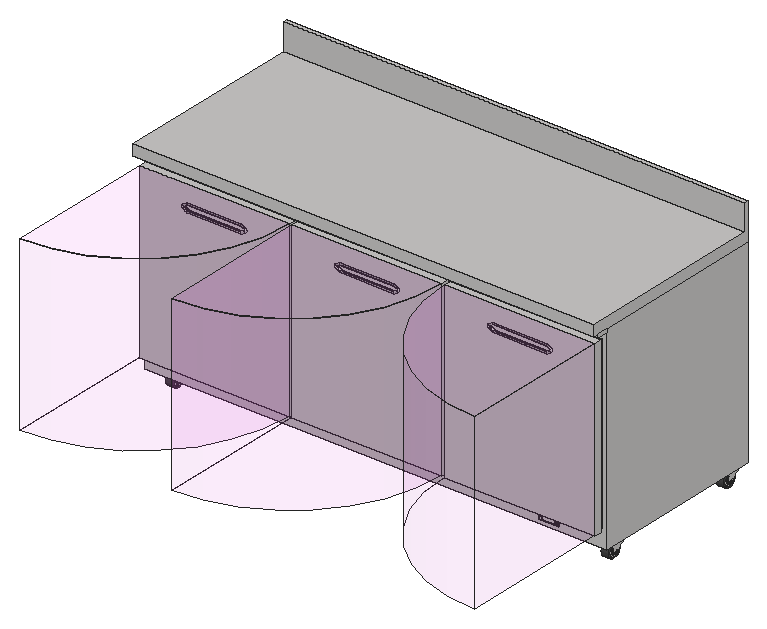
Revit family "QF_Kelvinator_738302_KCHUCWT72R_3-Door_Refrigerated_Work_Top_72_Long", category Specialty Equipment, Revit 2021
Family settings
  Round Connector Dimension = Use Diameter
  Part Type = Normal
  Work Plane-Based = No
  Always vertical = Yes
  Cut with Voids When Loaded = No
  Shared = No
  Room Calculation Point = No
Parameters
  Weight in Pounds = 288.806
  Watts = 400 W
  Volts = 115 V
  URL Cutsheet = ""
  Specification by User = ""
  Specification by Manufacturer = ""
  Serial Number = ""
  Seismic Rating = ""
  SMACNA No = ""
  Revision Code = ""
  Refrigerant Type = "R290"
  Phase = 1
  Number of Poles = 1
  NAFEM Spec ID Number = ""
  Model = "738302 (KCHUCWT72R)"
  Min Ckt Ampacity = 0 A
  Max Overcurrent Protection = 0 A
  Masterspec = ""
  Manufacturer = "Kelvinator Commercial"
  Length = 71.732"
  Item Number = "738302"
  Installed By = ""
  Identify Quantity as Lot = yes
  Height = 39.646"
  HP = "1/5"
  Furnished By = ""
  Foodservice Equipment Identifier = yes
  FL Amps = 3.5 A
  Electrical Remarks = ""
  Electric Connection Type = ""
  Elec Conn RI Height = 0.000"
  Elec Conn Connection Height = 0.000"
  Description = "3-Door Refrigerated Work Top 72\" Long"
  Depth = 29.921"
  Default Elevation = 0.000"
  Cycle = 60 Hz
  Conn Plug = "5-15P"
  Conn Conduit = yes
  CSI MasterFormat = ""
  Apparent Power = 0 VA
Reference planes (in)
  plane 1 "BACK": y = 0
  plane 2: z = 0
  plane 3 "LEFT": x = 0
  plane 4 "RIGHT": x = 71.732
  plane 5 "FRONT": y = -29.921
  plane 6 "TOP": z = 39.646
  plane 7 "Center Y": x = 35.866
  plane 8 "Center X": y = -14.9605
Dimensions and locks (in)
  equal spacing: plane 3 "LEFT", plane 7 "Center Y", plane 4 "RIGHT"
  "Length": plane 3 "LEFT" to plane 4 "RIGHT"
  equal spacing: plane 5 "FRONT", plane 8 "Center X", plane 1 "BACK"
  "Depth": plane 5 "FRONT" to plane 1 "BACK"
  "Height": plane 6 "TOP" to level
  aligned and locked: level to plane 2
Nested families (in)
  nested 1: "KCHST.0001" at (0, 0, 0), type "KCHST.0001"
    with Show Clearance yes
Connectors (in)
  electrical at (35.857, -0.87772, 2.31881), driven by "Volts", driven by "Watts"
    settings: on nested 1, index 1, voltage 115 V, apparent load 400 VA, apparent load phase1 0 VA, apparent load phase2 0 VA, apparent load phase3 0 VA, power factor 1, load classification "Other", number of poles 1, system type 30, power factor state 1, is connector primary yes, connector utility no, sub classification motor no, connector description ""
Definition of nested family "KCHST.0001"
  Parameters (values of type "KCHST.0001")
    Weight in Pounds = 0
    URL Cutsheet = ""
    Specification by User = ""
    Specification by Manufacturer = ""
    Show Clearance [instance] = yes
    Serial Number = ""
    Seismic Rating = ""
    SMACNA No = ""
    Revision Code = ""
    NAFEM Spec ID Number = ""
    Masterspec = ""
    Length = 71.732"
    Item Number = ""
    Installed By = ""
    Identify Quantity as Lot = yes
    Height = 39.646"
    Furnished By = ""
    Foodservice Equipment Identifier = yes
    Depth = 29.921"
    Default Elevation = 0.000"
    CSI MasterFormat = ""
  Reference planes (in)
    plane 1 "BACK": y = 0
    plane 2: z = 0
    plane 3 "LEFT": x = 0
    plane 4 "RIGHT": x = 71.732
    plane 5 "FRONT": y = -29.921
    plane 6 "TOP": z = 39.646
    plane 7 "Center Y": x = 35.866
    plane 8 "Center X": y = -14.9605
    plane 9: z = 3.1
    plane 10: z = 33.9
    plane 11: y = -56
    plane 12: y = -29.2
    plane 13: z = 32.4
    plane 14: z = 5.6
    plane 15: y = -27.5
    plane 16: x = 69.732
    plane 17: x = 2
    plane 18: x = 71.232
    plane 19: x = 0.5
    plane 20: z = 35.5
    plane 21: y = -27.2
    plane 22: x = 12.09564
    plane 23: x = 0.5
    plane 24: x = 59.65436
    plane 25: x = 35.875
  Forms (in)
    Extrusion 1, solid
      sketch origin (0, 0, 0) x (0, 1, 0) y (0, 0, 1)
        loop
          line (-27.5, 33.9) -> (-27.5, 3.1) -> (0, 3.1) -> (0, 33.9) -> (-27.5, 33.9)
      from 0 to 71.732
    Extrusion 2, solid
      sketch origin (0, 0, 0) x (0, 1, 0) y (0, 0, 1)
        loop
          line (-0.48673, 39.646) -> (-0.48673, 35.5) -> (-29.921, 35.5) -> (-29.921, 33.9) -> (0, 33.9) -> (0, 39.646) -> (-0.48673, 39.646)
      from 0 to 71.732
    Extrusion 3, solid
      sketch origin (0, 0, 0) x (0, 1, 0) y (0, 0, 1)
        loop
          line (-29.2, 33.9) -> (-29.2, 33.4) -> (-27.5, 33.4) -> (-27.5, 33.9) -> (-29.2, 33.9)
      from 0 to 71.732
    Extrusion 4, solid
      sketch origin (35.866, 6.90541, 48) x (0, 1, 0) y (0, 0, 1)
        loop
          line (-36.10541, -15.6) -> (-36.10541, -42.4) -> (-34.95211, -42.4) -> (-34.95211, -15.6) -> (-36.10541, -15.6)
      from -12.075 to -35.366
    Extrusion 5, solid
      sketch origin (0, 0, 0) x (0, 1, 0) y (0, 0, 1)
        loop
          line (-28.04671, 32.20449) -> (-28.04671, 5.81322) -> (-27.79671, 5.81322) -> (-27.79671, 32.20449) -> (-28.04671, 32.20449)
      from 0.74536 to 23.44592
    Extrusion 6, solid
      sketch origin (0, 0.25, 0) x (0, 1, 0) y (0, 0, 1)
        loop
          line (-28.04671, 32.20449) -> (-28.04671, 5.81322) -> (-27.864, 5.81322) -> (-27.864, 32.20449) -> (-28.04671, 32.20449)
      from 0.74536 to 23.44592
    Extrusion 7, solid
      sketch origin (0, 0.4327, 0) x (0, 1, 0) y (0, 0, 1)
        loop
          line (-28.04671, 32.20449) -> (-28.04671, 5.81322) -> (-27.9327, 5.81322) -> (-27.9327, 32.20449) -> (-28.04671, 32.20449)
      from 0.74536 to 23.44592
    Extrusion 8, solid
      sketch origin (-4.97957, -27.5, -4.77927) x (-1, 0, 0) y (0, 0, 1)
        loop
          line (-66.17533, 9.70772) -> (-69.32493, 9.70772) -> (-69.32493, 8.52662) -> (-66.17533, 8.52662) -> (-66.17533, 9.70772)
        loop
          line (-66.25407, 9.63107) -> (-66.64777, 9.63107) -> (-66.64777, 9.31193) -> (-66.25407, 9.31193) -> (-66.25407, 9.63107)
        loop
          line (-66.25407, 9.27674) -> (-66.64777, 9.27674) -> (-66.64777, 8.9576) -> (-66.25407, 8.9576) -> (-66.25407, 9.27674)
        loop
          line (-66.25407, 8.92241) -> (-66.64777, 8.92241) -> (-66.64777, 8.60327) -> (-66.25407, 8.60327) -> (-66.25407, 8.92241)
        loop
          line (-69.24619, 9.63107) -> (-69.24619, 9.31193) -> (-68.85249, 9.31193) -> (-68.85249, 9.63107) -> (-69.24619, 9.63107)
        loop
          line (-69.24619, 9.27674) -> (-69.24619, 8.9576) -> (-68.85249, 8.9576) -> (-68.85249, 9.27674) -> (-69.24619, 9.27674)
        loop
          line (-69.24619, 8.92241) -> (-69.24619, 8.60327) -> (-68.85249, 8.60327) -> (-68.85249, 8.92241) -> (-69.24619, 8.92241)
        loop
          line (-66.72525, 9.63107) -> (-68.77501, 9.63107) -> (-68.77501, 8.60716) -> (-66.72525, 8.60716) -> (-66.72525, 9.63107)
      from 0.07874 to -0.04602
    Extrusion 9, solid
      sketch origin (-4.97957, -27.54602, -4.77927) x (1, 0, 0) y (0, 0, 1)
        loop
          line (68.85249, 9.63107) -> (68.85249, 9.31193) -> (69.24619, 9.31193) -> (69.24619, 9.63107) -> (68.85249, 9.63107)
        loop
          line (68.85249, 9.27674) -> (68.85249, 8.9576) -> (69.24619, 8.9576) -> (69.24619, 9.27674) -> (68.85249, 9.27674)
        loop
          line (68.85249, 8.92241) -> (68.85249, 8.60327) -> (69.24619, 8.60327) -> (69.24619, 8.92241) -> (68.85249, 8.92241)
        loop
          line (66.64777, 9.63107) -> (66.25407, 9.63107) -> (66.25407, 9.31193) -> (66.64777, 9.31193) -> (66.64777, 9.63107)
        loop
          line (66.64777, 9.27674) -> (66.25407, 9.27674) -> (66.25407, 8.9576) -> (66.64777, 8.9576) -> (66.64777, 9.27674)
        loop
          line (66.64777, 8.92241) -> (66.25407, 8.92241) -> (66.25407, 8.60327) -> (66.64777, 8.60327) -> (66.64777, 8.92241)
      from 0 to -0.07874
    Extrusion 10, solid
      sketch origin (-4.97957, -27.54602, -4.77927) x (1, 0, 0) y (0, 0, 1)
        loop
          line (66.72525, 9.63107) -> (66.72525, 8.60716) -> (68.77501, 8.60716) -> (68.77501, 9.63107) -> (66.72525, 9.63107)
      from 0 to -0.07874
    Extrusion 11, void
      sketch origin (-4.97957, -27.5, -4.77927) x (-1, 0, 0) y (0, 0, 1)
        loop
          line (-66.17533, 9.70772) -> (-69.32493, 9.70772) -> (-69.32493, 8.52662) -> (-66.17533, 8.52662) -> (-66.17533, 9.70772)
      from 0 to 0.07874
    Extrusion 12, void
      sketch origin (-37.39706, -29.19996, 31.5181) x (0, 0, 1) y (1, 0, 0)
        loop
          line (-1.94791, 45.3177) -> (-1.94791, 53.6677) -> (-2.28604, 54.2087)
          arc (-2.28604, 54.2087) -> (-2.38541, 54.26378) -> (-2.48479, 54.2087) r 0.11719
          line (-2.48479, 54.2087) -> (-2.82291, 53.6677) -> (-2.82291, 45.3177) -> (-2.48621, 44.77897)
          arc (-2.48621, 44.77897) -> (-2.38541, 44.72311) -> (-2.28462, 44.77897) r 0.11887
          line (-2.28462, 44.77897) -> (-1.94791, 45.3177)
      from 0 to 0.31887
    Sweep 13, solid
      path origin (-34.14291, -26.39996, 31.5181) x (0, 0, -1) y (1, 0, 0)
        loop
          line (2.82291, 50.41355) -> (2.48479, 50.95455)
          arc (2.48479, 50.95455) -> (2.38541, 51.00963) -> (2.28604, 50.95455) r 0.11719
          line (2.28604, 50.95455) -> (1.94791, 50.41355) -> (1.94791, 42.06355) -> (2.28462, 41.52483)
          arc (2.28462, 41.52483) -> (2.38541, 41.46896) -> (2.48621, 41.52483) r 0.11887
          line (2.48621, 41.52483) -> (2.82291, 42.06355) -> (2.82291, 50.41355)
      profile origin (12.09564, -26.39996, 28.69519) x (0, 0, -1) y (0, -1, 0)
        loop
          line (0, 2.8) -> (0.25, 2.8)
          arc (0.25, 2.8) -> (0.125, 2.85269) -> (0, 2.8) r 0.17461
    Extrusion 14, solid
      sketch origin (-21.40625, -3.56521, 3.1) x (-1, 0, 0) y (0, 1, 0)
        loop
          circle (-57.26325, 2.68749) r 0.25
      from 0 to 0.78119
    Extrusion 15, solid
      sketch origin (35.866, 6.90541, 48) x (0, 1, 0) y (0, 0, -1)
        loop
          line (-36.10541, 15.6) -> (-34.95211, 15.6) -> (-34.95211, 42.4) -> (-36.10541, 42.4) -> (-36.10541, 15.6)
      from -12.075 to -35.375
    Extrusion 16, solid
      sketch origin (71.75, 0, 0) x (0, 1, 0) y (0, 0, -1)
        loop
          line (-28.04671, -32.20449) -> (-27.79671, -32.20449) -> (-27.79671, -5.81322) -> (-28.04671, -5.81322) -> (-28.04671, -32.20449)
      from 0.74536 to 23.44592
    Extrusion 17, solid
      sketch origin (71.75, 0.25, 0) x (0, 1, 0) y (0, 0, -1)
        loop
          line (-28.04671, -32.20449) -> (-27.864, -32.20449) -> (-27.864, -5.81322) -> (-28.04671, -5.81322) -> (-28.04671, -32.20449)
      from 0.74536 to 23.44592
    Extrusion 18, solid
      sketch origin (71.75, 0.4327, 0) x (0, 1, 0) y (0, 0, -1)
        loop
          line (-28.04671, -32.20449) -> (-27.9327, -32.20449) -> (-27.9327, -5.81322) -> (-28.04671, -5.81322) -> (-28.04671, -32.20449)
      from 0.74536 to 23.44592
    Extrusion 19, void
      sketch origin (109.14706, -29.19996, 31.5181) x (0, 0, 1) y (1, 0, 0)
        loop
          line (-1.94791, -45.3177) -> (-2.28462, -44.77897)
          arc (-2.28462, -44.77897) -> (-2.38541, -44.72311) -> (-2.48621, -44.77897) r 0.11887
          line (-2.48621, -44.77897) -> (-2.82291, -45.3177) -> (-2.82291, -53.6677) -> (-2.48479, -54.2087)
          arc (-2.48479, -54.2087) -> (-2.38541, -54.26378) -> (-2.28604, -54.2087) r 0.11719
          line (-2.28604, -54.2087) -> (-1.94791, -53.6677) -> (-1.94791, -45.3177)
      from 0 to 0.31887
    Sweep 20, solid
      path origin (105.89291, -26.39996, 31.5181) x (0, 0, -1) y (1, 0, 0)
        loop
          line (2.82291, -50.41355) -> (2.82291, -42.06355) -> (2.48621, -41.52483)
          arc (2.48621, -41.52483) -> (2.38541, -41.46896) -> (2.28462, -41.52483) r 0.11887
          line (2.28462, -41.52483) -> (1.94791, -42.06355) -> (1.94791, -50.41355) -> (2.28604, -50.95455)
          arc (2.28604, -50.95455) -> (2.38541, -51.00963) -> (2.48479, -50.95455) r 0.11719
          line (2.48479, -50.95455) -> (2.82291, -50.41355)
      profile origin (59.65436, -26.39996, 28.69519) x (0, 0, 1) y (0, -1, 0)
        loop
          arc (0, 2.8) -> (-0.125, 2.85269) -> (-0.25, 2.8) r 0.17461
          line (-0.25, 2.8) -> (0, 2.8)
    Extrusion 21, solid
      sketch origin (12.09564, 6.90541, 48) x (0, 1, 0) y (0, 0, -1)
        loop
          line (-36.10541, 15.6) -> (-34.95211, 15.6) -> (-34.95211, 42.4) -> (-36.10541, 42.4) -> (-36.10541, 15.6)
      from -12.075 to -35.375
    Extrusion 22, solid
      sketch origin (47.97064, 0, 0) x (0, 1, 0) y (0, 0, -1)
        loop
          line (-28.04671, -32.20449) -> (-27.79671, -32.20449) -> (-27.79671, -5.81322) -> (-28.04671, -5.81322) -> (-28.04671, -32.20449)
      from 0.74536 to 23.44592
    Extrusion 23, solid
      sketch origin (47.97064, 0.25, 0) x (0, 1, 0) y (0, 0, -1)
        loop
          line (-28.04671, -32.20449) -> (-27.864, -32.20449) -> (-27.864, -5.81322) -> (-28.04671, -5.81322) -> (-28.04671, -32.20449)
      from 0.74536 to 23.44592
    Extrusion 24, solid
      sketch origin (47.97064, 0.4327, 0) x (0, 1, 0) y (0, 0, -1)
        loop
          line (-28.04671, -32.20449) -> (-27.9327, -32.20449) -> (-27.9327, -5.81322) -> (-28.04671, -5.81322) -> (-28.04671, -32.20449)
      from 0.74536 to 23.44592
    Extrusion 25, void
      sketch origin (85.3677, -29.19996, 31.5181) x (0, 0, 1) y (1, 0, 0)
        loop
          line (-1.94791, -45.3267) -> (-2.28462, -44.78797)
          arc (-2.28462, -44.78797) -> (-2.38541, -44.73211) -> (-2.48621, -44.78797) r 0.11887
          line (-2.48621, -44.78797) -> (-2.82291, -45.3267) -> (-2.82291, -53.6767) -> (-2.48479, -54.2177)
          arc (-2.48479, -54.2177) -> (-2.38541, -54.27278) -> (-2.28604, -54.2177) r 0.11719
          line (-2.28604, -54.2177) -> (-1.94791, -53.6767) -> (-1.94791, -45.3267)
      from 0 to 0.31887
    Sweep 26, solid
      path origin (82.11355, -26.39996, 31.5181) x (0, 0, -1) y (1, 0, 0)
        loop
          line (2.82291, -50.42255) -> (2.82291, -42.07255) -> (2.48621, -41.53383)
          arc (2.48621, -41.53383) -> (2.38541, -41.47796) -> (2.28462, -41.53383) r 0.11887
          line (2.28462, -41.53383) -> (1.94791, -42.07255) -> (1.94791, -50.42255) -> (2.28604, -50.96355)
          arc (2.28604, -50.96355) -> (2.38541, -51.01863) -> (2.48479, -50.96355) r 0.11719
          line (2.48479, -50.96355) -> (2.82291, -50.42255)
      profile origin (35.866, -26.39996, 28.69519) x (0, 0, 1) y (0, -1, 0)
        loop
          arc (0, 2.8) -> (-0.125, 2.85269) -> (-0.25, 2.8) r 0.17461
          line (-0.25, 2.8) -> (0, 2.8)
    Extrusion 27, solid, visible <- "Show Clearance"
      sketch origin (35.866, -28.04671, 5.6) x (-1, 0, 0) y (0, 1, 0)
        loop
          arc (12.075, -1.15329) -> (18.89941, -17.62888) -> (35.375, -24.45329) r 23.3
          line (35.375, -24.45329) -> (35.375, -1.15329) -> (12.075, -1.15329)
        loop
          line (-12.075, -1.15329) -> (-35.375, -1.15329) -> (-35.375, -24.45329)
          arc (-35.375, -24.45329) -> (-18.89941, -17.62888) -> (-12.075, -1.15329) r 23.3
        loop
          arc (-11.59564, -1.15329) -> (-4.77123, -17.62888) -> (11.70436, -24.45329) r 23.3
          line (11.70436, -24.45329) -> (11.70436, -1.15329) -> (-11.59564, -1.15329)
      from 0 to -26.8
  Cuts and joins
    Extrusion 11 cuts Extrusion 8
    Extrusion 12, Extrusion 19 cuts Extrusion 4
    Extrusion 19, Extrusion 25 cuts Extrusion 15
    Extrusion 25 cuts Extrusion 21
  Lines and regions (in)
    symbolic lines
      curve 1: line (71.732, -29.921, 0) -> (71.732, 0, 0)
      curve 2: line (71.732, 0, 0) -> (0, 0, 0)
      curve 3: line (0, 0, 0) -> (0, -29.921, 0)
      curve 4: line (0, -29.921, 0) -> (71.732, -29.921, 0)
      curve 5: line (0, -0.48673, 0) -> (71.732, -0.48673, 0)
    symbolic lines, visible <- "Show Clearance"
      curve 6: arc (23.7802, -29.921, 0) -> (22.81424, -35.87552, 0) -> (20.35146, -41.38225, 0) r 23.29137
      curve 7: arc (47.44936, -29.921, 0) -> (46.48136, -35.88331, 0) -> (44.0131, -41.39637, 0) r 23.29801
      curve 8: arc (51.38954, -41.39637, 0) -> (48.92043, -35.88346, 0) -> (47.95208, -29.921, 0) r 23.29109
      curve 9: line (0.5, -29.921, 0) -> (20.35146, -41.38225, 0)
      curve 10: line (24.16252, -29.921, 0) -> (44.0131, -41.39637, 0)
      curve 11: line (71.232, -29.921, 0) -> (51.38954, -41.39637, 0)
  Dimensions and locks (in)
    equal spacing: plane 3 "LEFT", plane 7 "Center Y", plane 4 "RIGHT"
    "Length": plane 3 "LEFT" to plane 4 "RIGHT"
    equal spacing: plane 5 "FRONT", plane 8 "Center X", plane 1 "BACK"
    "Depth": plane 5 "FRONT" to plane 1 "BACK"
    "Height": plane 6 "TOP" to level
    level to plane 9 = 3.100"
    plane 10 to plane 9 = 30.800"
    plane 11 to plane 1 "BACK" = 56.000"
    plane 14 to plane 13 = 26.800"
    locked: plane 4 "RIGHT" to plane 16 at 2
    locked: plane 3 "LEFT" to plane 17 at 2
    locked: plane 19 to plane 3 "LEFT" at 0.5
    locked: plane 18 to plane 4 "RIGHT" at 0.5
    plane 3 "LEFT" to plane 4 "RIGHT" = 71.732"
    plane 20 to level = 35.500"
    plane 6 "TOP" to plane 20 = 4.146"
    plane 5 "FRONT" to plane 1 "BACK" = 29.921"
    plane 21 to plane 1 "BACK" = 27.200"
    plane 9 to plane 20 = 32.400"
    aligned and locked: level to plane 2
    aligned and locked: plane 16 to nested 1
    aligned and locked: nested 2 to plane 17
    aligned and locked: Extrusion 1 to plane 4 "RIGHT"
    aligned and locked: plane 4 "RIGHT" to Extrusion 1
    aligned and locked: Extrusion 3 to plane 4 "RIGHT"
    aligned and locked: Extrusion 2 to plane 4 "RIGHT"
    aligned and locked: cut or joined group of Extrusion 4, Extrusion 12, Extrusion 19 to plane 19
    aligned and locked: plane 16 to nested 3
    aligned and locked: Extrusion 6 to Extrusion 5
    aligned and locked: Extrusion 7 to Extrusion 5
    aligned and locked: Extrusion 17 to Extrusion 16
    aligned and locked: Extrusion 18 to Extrusion 16
    aligned and locked: Extrusion 23 to Extrusion 22
    aligned and locked: Extrusion 24 to Extrusion 22
  Automatic sketch dimensions
    plane 9 to Extrusion 1 sketch curve = 0.000"
    Extrusion 1 sketch curve to plane 15 = 0.000"
    Extrusion 1 sketch curve to plane 1 "BACK" = 0.000"
    Extrusion 1 sketch curve to plane 10 = 0.000"
    Extrusion 2 sketch curve to plane 5 "FRONT" = 0.000"
    Extrusion 2 sketch curve to plane 20 = 0.000"
    Extrusion 2 sketch curve to plane 6 "TOP" = 0.000"
    Extrusion 2 sketch curve to plane 1 "BACK" = 0.000"
    Extrusion 2 sketch curve to plane 10 = 0.000"
    plane 1 "BACK" to Extrusion 2 sketch curve = 0.48673"
    Extrusion 3 sketch curve to plane 10 = 0.000"
    Extrusion 3 sketch curve to plane 12 = 0.000"
    Extrusion 3 sketch curve to plane 15 = 0.000"
    Extrusion 3 sketch curve to Extrusion 3 sketch curve = 0.500"
    Extrusion 4 sketch curve to plane 12 = 0.000"
    plane 14 to Extrusion 4 sketch curve = 0.000"
    plane 13 to Extrusion 4 sketch curve = 0.000"
    Extrusion 4 sketch curve to plane 15 = 0.54671"
    Extrusion 5 sketch curve to plane 14 = 0.21322"
    Extrusion 5 sketch curve to plane 15 = 0.54671"
    Extrusion 5 sketch curve to Extrusion 5 sketch curve = 0.250"
    plane 13 to Extrusion 5 sketch curve = 0.19551"
    Extrusion 6 sketch curve to plane 15 = 0.29671"
    Extrusion 6 sketch curve to plane 15 = 0.114"
    Extrusion 6 sketch curve to plane 14 = 0.21322"
    plane 13 to Extrusion 6 sketch curve = 0.19551"
    Extrusion 7 sketch curve to plane 15 = 0.000"
    Extrusion 7 sketch curve to Extrusion 7 sketch curve = 0.114"
    Extrusion 7 sketch curve to plane 14 = 0.21322"
    plane 13 to Extrusion 7 sketch curve = 0.19551"
    plane 14 to Extrusion 8 sketch curve = 0.67154"
    Extrusion 8 sketch curve to plane 24 = 4.691"
    Extrusion 8 sketch curve to Extrusion 8 sketch curve = 0.07874"  (x3)
    Extrusion 8 sketch curve to Extrusion 8 sketch curve = 0.000"  (x7)
    Extrusion 8 sketch curve to Extrusion 8 sketch curve = 0.3937"  (x2)
    Extrusion 8 sketch curve to Extrusion 8 sketch curve = 0.07748"  (x3)
    Extrusion 8 sketch curve to plane 9 = 0.72789"
    Extrusion 8 sketch curve to Extrusion 8 sketch curve = 2.04976"
    Extrusion 8 sketch curve to Extrusion 8 sketch curve = 0.00389"  (x2)
    Extrusion 8 sketch curve to Extrusion 8 sketch curve = 0.07665"  (x3)
    Extrusion 8 sketch curve to Extrusion 8 sketch curve = 0.31914"  (x4)
    Extrusion 8 sketch curve to Extrusion 8 sketch curve = 0.03519"  (x4)
    Extrusion 8 to Extrusion 9 sketch curve = 0.000"  (x10)
    Extrusion 9 sketch curve to Extrusion 8 = 0.000"  (x14)
    Extrusion 10 sketch curve to Extrusion 8 = 0.000"  (x3)
    Extrusion 8 to Extrusion 10 sketch curve = 0.000"
    plane 14 to Extrusion 11 sketch curve = 0.67154"
    Extrusion 11 sketch curve to plane 24 = 4.691"
    Extrusion 11 sketch curve to plane 9 = 0.64735"
    Extrusion 11 sketch curve to plane 24 = 1.54139"
    plane 13 to Extrusion 12 sketch curve = 3.70481"
    Extrusion 12 sketch curve to Extrusion 12 sketch curve = 0.3367"
    Extrusion 12 sketch curve to Extrusion 12 sketch curve = 0.33813"  (x2)
    Extrusion 12 sketch curve to Extrusion 12 sketch curve = 0.09937"  (x2)
    Extrusion 12 sketch curve to Extrusion 12 sketch curve = 0.1008"  (x2)
    Extrusion 12 sketch curve to plane 22 = 4.71372"
    Extrusion 12 sketch curve to Extrusion 12 sketch curve = 0.063"
    Extrusion 12 sketch curve to Extrusion 12 sketch curve = 0.53872"  (x2)
    plane 22 to Extrusion 12 sketch curve = 4.175"
    Extrusion 12 sketch curve to Extrusion 12 sketch curve = 0.000"
    Extrusion 12 sketch curve to Extrusion 12 sketch curve = 0.47889"
    Extrusion 12 sketch curve to Extrusion 12 sketch curve = 0.06211"
    plane 13 to Sweep 13 sketch curve = 2.82981"
    Sweep 13 sketch curve to Sweep 13 sketch curve = 0.3367"
    Sweep 13 sketch curve to Sweep 13 sketch curve = 0.33813"  (x2)
    Sweep 13 sketch curve to Sweep 13 sketch curve = 0.09937"  (x2)
    Sweep 13 sketch curve to Sweep 13 sketch curve = 0.1008"  (x2)
    Sweep 13 sketch curve to plane 22 = 4.71372"
    Sweep 13 sketch curve to Sweep 13 sketch curve = 0.063"
    Sweep 13 sketch curve to Sweep 13 sketch curve = 0.53872"  (x2)
    plane 22 to Sweep 13 sketch curve = 4.175"
    Sweep 13 sketch curve to Sweep 13 sketch curve = 0.000"
    Sweep 13 sketch curve to Sweep 13 sketch curve = 0.47889"
    Sweep 13 sketch curve to Sweep 13 sketch curve = 0.06211"
    Sweep 13 sketch curve to profile plane = 0.000"
    Sweep 13 sketch curve to profile plane = 0.125"
    profile plane to Sweep 13 sketch curve = 2.67809"
    Sweep 13 sketch curve to Sweep 13 sketch curve = 0.12191"
    Extrusion 15 sketch curve to plane 12 = 0.000"
    plane 14 to Extrusion 15 sketch curve = 0.000"
    plane 13 to Extrusion 15 sketch curve = 0.000"
    Extrusion 15 sketch curve to plane 15 = 0.54671"
    Extrusion 16 sketch curve to plane 14 = 0.21322"
    Extrusion 16 sketch curve to plane 15 = 0.54671"
    Extrusion 16 sketch curve to Extrusion 16 sketch curve = 0.250"
    plane 13 to Extrusion 16 sketch curve = 0.19551"
    Extrusion 17 sketch curve to plane 15 = 0.29671"
    Extrusion 17 sketch curve to plane 15 = 0.114"
    plane 13 to Extrusion 17 sketch curve = 0.19551"
    Extrusion 17 sketch curve to plane 14 = 0.21322"
    Extrusion 18 sketch curve to plane 15 = 0.000"
    Extrusion 18 sketch curve to Extrusion 18 sketch curve = 0.114"
    plane 13 to Extrusion 18 sketch curve = 0.19551"
    Extrusion 18 sketch curve to plane 14 = 0.21322"
    plane 13 to Extrusion 19 sketch curve = 3.70481"
    Extrusion 19 sketch curve to Extrusion 19 sketch curve = 0.3367"
    Extrusion 19 sketch curve to Extrusion 19 sketch curve = 0.33813"  (x2)
    Extrusion 19 sketch curve to Extrusion 19 sketch curve = 0.09937"  (x2)
    Extrusion 19 sketch curve to Extrusion 19 sketch curve = 0.1008"  (x2)
    plane 24 to Extrusion 19 sketch curve = 4.716"
    Extrusion 19 sketch curve to Extrusion 19 sketch curve = 0.06211"
    Extrusion 19 sketch curve to Extrusion 19 sketch curve = 0.541"  (x2)
    Extrusion 19 sketch curve to plane 24 = 4.175"
    Extrusion 19 sketch curve to Extrusion 19 sketch curve = 0.000"
    Extrusion 19 sketch curve to Extrusion 19 sketch curve = 0.47572"
    Extrusion 19 sketch curve to Extrusion 19 sketch curve = 0.063"
    plane 13 to Sweep 20 sketch curve = 2.82981"
    Sweep 20 sketch curve to Sweep 20 sketch curve = 0.3367"
    Sweep 20 sketch curve to Sweep 20 sketch curve = 0.33813"  (x2)
    Sweep 20 sketch curve to Sweep 20 sketch curve = 0.09937"  (x2)
    Sweep 20 sketch curve to Sweep 20 sketch curve = 0.1008"  (x2)
    plane 24 to Sweep 20 sketch curve = 4.716"
    Sweep 20 sketch curve to Sweep 20 sketch curve = 0.06211"
    Sweep 20 sketch curve to Sweep 20 sketch curve = 0.541"  (x2)
    Sweep 20 sketch curve to plane 24 = 4.175"
    Sweep 20 sketch curve to Sweep 20 sketch curve = 0.000"
    Sweep 20 sketch curve to Sweep 20 sketch curve = 0.47572"
    Sweep 20 sketch curve to Sweep 20 sketch curve = 0.063"
    profile plane to Sweep 20 sketch curve = 0.000"
    profile plane to Sweep 20 sketch curve = 0.125"
    profile plane to Sweep 20 sketch curve = 2.67809"
    Sweep 20 sketch curve to Sweep 20 sketch curve = 0.12191"
    Extrusion 21 sketch curve to plane 12 = 0.000"
    plane 14 to Extrusion 21 sketch curve = 0.000"
    plane 13 to Extrusion 21 sketch curve = 0.000"
    Extrusion 21 sketch curve to plane 15 = 0.54671"
    Extrusion 22 sketch curve to plane 14 = 0.21322"
    Extrusion 22 sketch curve to plane 15 = 0.54671"
    Extrusion 22 sketch curve to Extrusion 22 sketch curve = 0.250"
    plane 13 to Extrusion 22 sketch curve = 0.19551"
    Extrusion 23 sketch curve to plane 15 = 0.29671"
    Extrusion 23 sketch curve to plane 15 = 0.114"
    plane 13 to Extrusion 23 sketch curve = 0.19551"
    Extrusion 23 sketch curve to plane 14 = 0.21322"
    Extrusion 24 sketch curve to plane 15 = 0.000"
    Extrusion 24 sketch curve to Extrusion 24 sketch curve = 0.114"
    plane 13 to Extrusion 24 sketch curve = 0.19551"
    Extrusion 24 sketch curve to plane 14 = 0.21322"
    Extrusion 1 to Extrusion 14 sketch curve = 0.87772"
    Extrusion 14 sketch curve to Extrusion 1 = 35.875"
    plane 13 to Extrusion 25 sketch curve = 3.70481"
    Extrusion 25 sketch curve to Extrusion 25 sketch curve = 0.3367"
    Extrusion 25 sketch curve to Extrusion 25 sketch curve = 0.33813"  (x2)
    Extrusion 25 sketch curve to Extrusion 25 sketch curve = 0.09937"  (x2)
    Extrusion 25 sketch curve to Extrusion 25 sketch curve = 0.1008"  (x2)
    Extrusion 25 sketch curve to plane 7 "Center Y" = 4.716"
    Extrusion 25 sketch curve to Extrusion 25 sketch curve = 0.06211"
    Extrusion 25 sketch curve to Extrusion 25 sketch curve = 0.541"  (x2)
    plane 7 "Center Y" to Extrusion 25 sketch curve = 4.175"
    Extrusion 25 sketch curve to Extrusion 25 sketch curve = 0.000"
    Extrusion 25 sketch curve to Extrusion 25 sketch curve = 0.47572"
    Extrusion 25 sketch curve to Extrusion 25 sketch curve = 0.063"
    plane 13 to Sweep 26 sketch curve = 2.82981"
    Sweep 26 sketch curve to Sweep 26 sketch curve = 0.3367"
    Sweep 26 sketch curve to Sweep 26 sketch curve = 0.33813"  (x2)
    Sweep 26 sketch curve to Sweep 26 sketch curve = 0.09937"  (x2)
    Sweep 26 sketch curve to Sweep 26 sketch curve = 0.1008"  (x2)
    Sweep 26 sketch curve to plane 7 "Center Y" = 4.716"
    Sweep 26 sketch curve to Sweep 26 sketch curve = 0.06211"
    Sweep 26 sketch curve to Sweep 26 sketch curve = 0.541"  (x2)
    plane 7 "Center Y" to Sweep 26 sketch curve = 4.175"
    Sweep 26 sketch curve to Sweep 26 sketch curve = 0.000"
    Sweep 26 sketch curve to Sweep 26 sketch curve = 0.47572"
    Sweep 26 sketch curve to Sweep 26 sketch curve = 0.063"
    profile plane to Sweep 26 sketch curve = 0.000"
    profile plane to Sweep 26 sketch curve = 0.125"
    profile plane to Sweep 26 sketch curve = 2.67809"
    Sweep 26 sketch curve to Sweep 26 sketch curve = 0.12191"
    Extrusion 27 sketch curve to Extrusion 15 = 0.000"  (x5)
    Extrusion 15 to Extrusion 27 sketch curve = 0.000"
    Extrusion 27 sketch curve to Extrusion 27 sketch curve = 0.47936"
    Extrusion 15 to Extrusion 27 sketch curve = 23.300"
    Extrusion 27 sketch curve to Extrusion 27 sketch curve = 23.67064"
    Extrusion 27 sketch curve to Extrusion 27 sketch curve = 23.300"
    curve 4 to plane 3 "LEFT" = 0.000"
    plane 5 "FRONT" to curve 9 = 0.000"
    curve 9 to plane 19 = 0.000"
    curve 6 to plane 12 = 0.000"
    curve 6 to plane 19 = 0.000"
    curve 7 to plane 12 = 0.000"
    curve 8 to plane 12 = 0.000"
    curve 8 to plane 18 = 0.000"
    curve 11 to plane 18 = 0.000"
    plane 1 "BACK" to curve 2 = 0.000"
    curve 2 to plane 4 "RIGHT" = 0.000"
    plane 22 to curve 9 = 8.25582"
    plane 7 "Center Y" to curve 10 = 8.1471"
    plane 5 "FRONT" to curve 9 = 11.46125"
    curve 6 to curve 10 = 0.38231"
    curve 7 to curve 8 = 0.50271"
    curve 10 to curve 11 = 7.37644"
    curve 10 to curve 11 = 0.000"
    plane 1 "BACK" to curve 5 = 0.48673"
    curve 7 to curve 10 = 0.000"
    radius of Extrusion 14 sketch curve = 0.250"
  Nested families (in)
    nested 1: "3 INCHES 01_CASTER" at (69.732, -24.75, 0), type "3 INCHES 01_CASTER"
      with Type Mark "", Specification by User "", Revision Code "", Item Number "", Installed By "", Identify Quantity as Lot yes, Furnished By "", Foodservice Equipment Identifier yes, 3 Inches Caster yes
    nested 2: "3 INCHES 01_CASTER" at (2, -24.75, 0), type "3 INCHES 01_CASTER"
      with Type Mark "", Specification by User "", Revision Code "", Item Number "", Installed By "", Identify Quantity as Lot yes, Furnished By "", Foodservice Equipment Identifier yes, 3 Inches Caster yes
    nested 3: "3 INCHES 01_CASTER" at (69.732, -2.375, 0), type "3 INCHES 01_CASTER"
      with Type Mark "", Specification by User "", Revision Code "", Item Number "", Installed By "", Identify Quantity as Lot yes, Furnished By "", Foodservice Equipment Identifier yes, 3 Inches Caster yes
    nested 4: "3 INCHES 01_CASTER" at (2, -2.375, 0), type "3 INCHES 01_CASTER"
      with Type Mark "", Specification by User "", Revision Code "", Item Number "", Installed By "", Identify Quantity as Lot yes, Furnished By "", Foodservice Equipment Identifier yes, 3 Inches Caster yes
  Definition of nested family "3 INCHES 01_CASTER"
    Parameters (values of type "3 INCHES 01_CASTER")
      Weight = ""
      URL Manufacturer = ""
      URL Cutsheet = ""
      URL = ""
      Type Mark [instance] = ""
      Specification by User [instance] = ""
      Specification by Manufacturer = ""
      Serial Number = ""
      Seismic Rating = ""
      SMACNA No = ""
      Revision Code [instance] = ""
      Omniclass Number and Title = ""
      NAFEM Spec ID Number = ""
      Model = ""
      MasterSpec. = ""
      Manufacturer = ""
      Item Number [instance] = ""
      Installed By [instance] = ""
      Identify Quantity as Lot [instance] = yes
      Furnished By [instance] = ""
      Foodservice Equipment Identifier [instance] = yes
      Description = ""
      Default Elevation = 0.000"
      CSI MasterFormat = ""
      CSI Master Format = ""
      Assembly Code = ""
      3 Inches Caster [instance] = yes
    Reference planes (in)
      plane 1: z = 0
      plane 2 "RIGHT": x = 0
      plane 3 "FRONT": y = 0
      plane 4 "TOP": z = 3.1
    Forms (in)
      Revolve 1, solid, visible <- "3 Inches Caster"
        sketch origin (-1.93794, 0.56004, -1.0041) x (1, 0, 0) y (0, 0, 1)
          loop
            line (0.74055, 2.11347) -> (0.74055, 2.03797) -> (0.79055, 1.98797) -> (0.85055, 1.98797) -> (0.85055, 1.8679) -> (1.235, 1.8679) -> (1.235, 1.7068) -> (1.36441, 1.63209) -> (1.4003, 1.41035) -> (1.34375, 1.41035) -> (1.34375, 1.28535) -> (1.375, 1.28535) -> (1.375, 1.0041) -> (2.48438, 1.0041) -> (2.48438, 1.28535) -> (2.51563, 1.28535) -> (2.51563, 1.41035) -> (2.45908, 1.41035) -> (2.49553, 1.6356) -> (2.62438, 1.70999) -> (2.62438, 1.8679) -> (3.04007, 1.8679) -> (3.04007, 1.98797) -> (3.10007, 1.98797) -> (3.15007, 2.03797) -> (3.15007, 2.11347) -> (0.74055, 2.11347)
          axis (0.74055, 2.11347) -> (3.15007, 2.11347)
        angle from 0 to 360
      Extrusion 2, solid, visible <- "3 Inches Caster"
        sketch origin (-1.93794, 1.35294, -3.2541) x (0, 1, 0) y (0, 0, 1)
          loop
            line (-0.41094, 5.86793) -> (-0.41094, 6.01276) -> (-2.29494, 6.01276) -> (-2.29494, 5.71244) -> (-1.82301, 5.71244)
            arc (-1.82301, 5.71244) -> (-1.00307, 5.59865) -> (-0.19592, 5.41488) r 9.6332
            arc (-0.19592, 5.41488) -> (0.12646, 5.29481) -> (0.42224, 5.11916) r 1.92059
            line (0.42224, 5.11916) -> (0.51314, 5.245)
            arc (0.51314, 5.245) -> (0.27353, 5.42569) -> (0.01201, 5.5729) r 2.25036
            line (0.01201, 5.5729) -> (0.09371, 5.71426)
            arc (0.09371, 5.71426) -> (-0.15272, 5.81043) -> (-0.41094, 5.86793) r 1.73151
        from 1.17357 to 2.70231
      Revolve 3, solid, visible <- "3 Inches Caster"
        sketch origin (0, 1.73858, -3.25) x (0, 1, 0) y (0, 0, 1)
          loop
            line (-1.73858, 6.35) -> (-1.73858, 6.00866) -> (-0.93293, 6.00866) -> (-0.93293, 6.35) -> (-1.73858, 6.35)
          axis (-1.73858, 6.00866) -> (-1.73858, 6.35)
        angle from 0 to 360
      Extrusion 4, solid, visible <- "3 Inches Caster"
        sketch origin (-1.98481, 1.35294, -1.7541) x (0, 1, 0) y (0, 0, 1)
          loop
            line (-2.29494, 4.51276) -> (-2.29494, 4.21244) -> (-2.2074, 4.21244)
            arc (-2.2074, 4.21244) -> (-1.58796, 3.87196) -> (-1.3103, 3.22193) r 1.0835
            arc (-1.3103, 3.22193) -> (-1.27304, 2.98711) -> (-1.19616, 2.76214) r 1.38462
            arc (-1.19616, 2.76214) -> (-0.77704, 2.49744) -> (-0.37393, 2.78593) r 0.44401
            arc (-0.37393, 2.78593) -> (-0.35491, 2.84407) -> (-0.34077, 2.90358) r 0.74034
            arc (-0.34077, 2.90358) -> (-0.07302, 3.38916) -> (0.4279, 3.62699) r 0.90376
            line (0.4279, 3.62699) -> (0.51314, 3.745)
            arc (0.51314, 3.745) -> (0.27353, 3.92569) -> (0.01201, 4.0729) r 2.25036
            line (0.01201, 4.0729) -> (0.09371, 4.21426)
            arc (0.09371, 4.21426) -> (-0.15272, 4.31043) -> (-0.41094, 4.36793) r 1.73151
            line (-0.41094, 4.36793) -> (-0.41094, 4.51276) -> (-2.29494, 4.51276)
        from 2.74918 to 2.90825
      Extrusion 5, solid, visible <- "3 Inches Caster"
        sketch origin (1.98481, 1.35294, -1.7541) x (0, 1, 0) y (0, 0, -1)
          loop
            line (-2.29494, -4.51276) -> (-0.41094, -4.51276) -> (-0.41094, -4.36793)
            arc (-0.41094, -4.36793) -> (-0.15272, -4.31043) -> (0.09371, -4.21426) r 1.73151
            line (0.09371, -4.21426) -> (0.01201, -4.0729)
            arc (0.01201, -4.0729) -> (0.27353, -3.92569) -> (0.51314, -3.745) r 2.25036
            line (0.51314, -3.745) -> (0.4279, -3.62699)
            arc (0.4279, -3.62699) -> (-0.07302, -3.38916) -> (-0.34077, -2.90358) r 0.90376
            arc (-0.34077, -2.90358) -> (-0.35491, -2.84407) -> (-0.37393, -2.78593) r 0.74034
            arc (-0.37393, -2.78593) -> (-0.77704, -2.49744) -> (-1.19616, -2.76214) r 0.44401
            arc (-1.19616, -2.76214) -> (-1.27304, -2.98711) -> (-1.3103, -3.22193) r 1.38462
            arc (-1.3103, -3.22193) -> (-1.58796, -3.87196) -> (-2.2074, -4.21244) r 1.0835
            line (-2.2074, -4.21244) -> (-2.29494, -4.21244) -> (-2.29494, -4.51276)
        from 2.74918 to 2.90825
    Cuts and joins
      joined: Extrusion 2, Extrusion 4, Extrusion 5
    Lines and regions (in)
      symbolic lines, visible <- "3 Inches Caster"
        curve 1: line (0.1877, 1.65194, 0) -> (0.89063, 1.2461, 0)
        curve 2: line (-1.00175, -0.40823, 0) -> (0.1877, 1.65194, 0)
        curve 3: line (-0.29881, -0.81407, 0) -> (-1.00175, -0.40823, 0)
        curve 4: line (0.89063, 1.2461, 0) -> (-0.29881, -0.81407, 0)
    Dimensions and locks (in)
      plane 4 "TOP" to level = 3.100"  (x2)
      aligned and locked: level to plane 1
